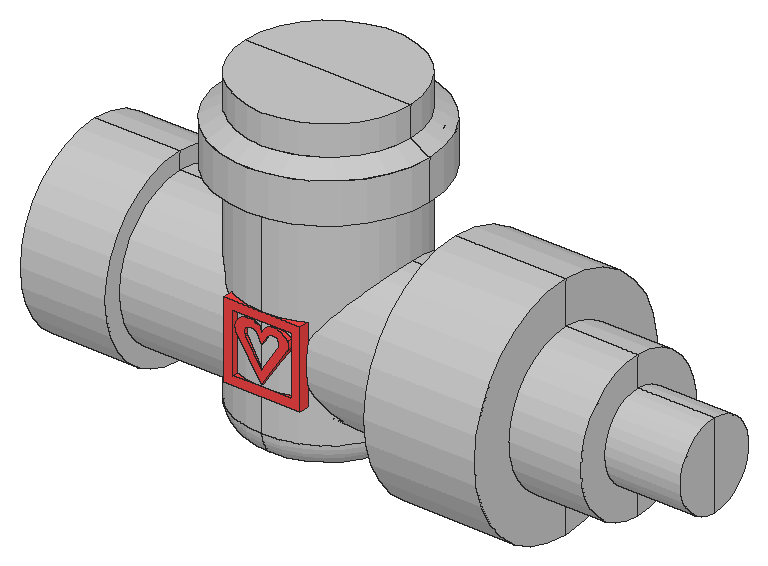
Revit family "Клапан для отключения радиатора HERZ-RL-5 с возможностью гидравлической настройки и слива, проходной 3923", category Rohrzubehör, Revit 2020
Family settings
  Bemaßung runder Anschluss = Durchmesser verwenden
  Teiletyp = Unterbricht
  OmniClass-Nummer = 23.65.55.14
  OmniClass-Titel = Valves for Liquid Services
  Arbeitsebenenbasiert = Nein
  Immer vertikal = Nein
  Beim Laden mit Abzugskörper schneiden = Nein
  Gemeinsam genutzt = Nein
Parameters
  Среда = "Качество воды в соответствии с ÖNORM H 5195 или директивой VDI 2035."
  Область применения = "Система водяного отопления. С помощью установки радиаторных запорных клапанов возможно осуществить перекрытие обратного потока нагревательных приборов. При одновременном перекрытии с клапаном на подающем трубопроводе возможен демонтаж радиатора в системе, которая находится под давлением. Промывку радиатора или ремонт помещения (оклеивание обоями, облицовку плиткой) можно проводить, не прерывая работу системы. С помощью клапана для отключения радиатора HERZ-RL-5 можно настроить расход воды, протекающей через радиатор, в соответствии с требуемой мощностью. Установка данного клапана особенно рекомендуется при монтаже термостатических клапанов без преднастройки, что способствует экономному расходу воды и поддержанию устойчивой работы системы.  При помощи клапана HERZ-RL-5 можно заполнить или опорожнить радиаторы или систему."
  Номер заказа [instance] = size_lookup("3923_5_", "Artnr", 0, Nennweite)  # 1392300
  Макс. рабочее давление = 1000000.0 Pa  # constant formula
  Макс. рабочая температура = 120 °C  # constant formula
  Корпус = "Никелированная латунь"  # constant formula
  Исполнение = "Все модели поставляются в никелированном исполнении, это универсальные модели со специальной муфтой для резьбовой трубы и компрессионных фитингов."
  W02 [instance] = 70.00°  # constant formula
  W01 = 120.00°  # constant formula
  Vorgabe-Ansicht = 0.000 mm
  URL = "www.herz-armaturen.ru"
  SCRNSEQ = "ARM;ARM_TYP=\"ALLF\";2"
  SCRNCODE = "05;01;02"  # constant formula
  S04 = 45.000 mm  # constant formula
  S03 = 61.000 mm  # constant formula
  S02 [instance] = L05 + L06 + L07  # 45.500 mm
  S01 = 10.000 mm  # constant formula
  R05 = 9.750 mm  # constant formula
  R04 = 12.000 mm  # constant formula
  R02 = 9.750 mm  # constant formula
  R01 = 11.000 mm  # constant formula
  Nennweite [instance] = 10.000 mm
  L07 [instance] = size_lookup("3923_5_", "L7", 1.000 mm, Nennweite)  # 17.500 mm
  L06 [instance] = size_lookup("3923_5_", "L6", 1.000 mm, Nennweite)  # 13.000 mm
  L05 [instance] = L02 - L04  # 15.000 mm
  L04 [instance] = size_lookup("3923_5_", "L4", 1.000 mm, Nennweite)  # 7.500 mm
  L03 [instance] = size_lookup("3923_5_", "L3", 1.000 mm, Nennweite)  # 10.000 mm
  L02 [instance] = size_lookup("3923_5_", "L2", 1.000 mm, Nennweite)  # 22.500 mm
  L01 [instance] = size_lookup("3923_5_", "L1", 1.000 mm, Nennweite)  # 27.500 mm
  Hersteller = "HERZ Armaturen Ges.m.b.H"  # constant formula
  H06 = 3.500 mm  # constant formula
  H05 = 9.500 mm  # constant formula
  H04 [instance] = H02 - H03  # 16.000 mm
  H03 = 5.000 mm  # constant formula
  H02 [instance] = 21.000 mm  # constant formula
  H01 [instance] = size_lookup("3923_5_", "H1", 1.000 mm, Nennweite)  # 14.000 mm
  GTI [instance] = size_lookup("3923_5_", "GT1", 1.000 mm, Nennweite)  # 9.000 mm
  GT [instance] = size_lookup("3923_5_", "GT", 1.000 mm, Nennweite)  # 9.500 mm
  G2 [instance] = Nennweite / 2  # 5.000 mm
  G1 [instance] = Nennweite / 2  # 5.000 mm
  D05 [instance] = size_lookup("3923_5_", "D5", 1.000 mm, Nennweite)  # 8.500 mm
  D04 [instance] = size_lookup("3923_5_", "D4", 1.000 mm, Nennweite)  # 13.500 mm
  D03 [instance] = size_lookup("3923_5_", "D3", 1.000 mm, Nennweite)  # 7.940 mm
  D02 [instance] = size_lookup("3923_5_", "D2", 1.000 mm, Nennweite)  # 9.000 mm
  D01 [instance] = size_lookup("3923_5_", "D1", 1.000 mm, Nennweite)  # 11.000 mm
Reference planes
  plane 1 "Mitte (Vorne/hinten)": y = 0
  plane 2: z = 0
  plane 3 "Mitte (Links/rechts)": x = 0
Forms (mm)
  Revolve 1, solid, material "Messing, vernickelt", detail levels fine
    sketch origin (0, 0, 0) x (1, 0, 0) y (0, 0, 1)
      loop
        line (-18, 0) -> (22.5, 0) -> (22.5, 7.94) -> (15, 7.94) -> (15, 9) -> (-17.5, 9) -> (-17.5, 11) -> (-27.5, 11) -> (-27.5, 5) -> (-18, 5) -> (-18, 0)
      axis (-27.5, 0) -> (22.5, 0)
    angle from 0 to 360
  Revolve 2, solid, material "Messing, vernickelt", detail levels fine
    sketch origin (0, 0, 0) x (0, 1, 0) y (0, 0, 1)
      loop
        line (0, 21) -> (-11, 21) -> (-11, 16) -> (-9.75, 16) -> (-9.75, -8.456)
        arc (-9.75, -8.456) -> (-9.408, -9.847) -> (-8.46, -10.921) r 3
        line (-8.46, -10.921) -> (0, -14) -> (0, 21)
      axis (0, -14) -> (0, 21)
    angle from 0 to 360
  Revolve 3, solid, material "Messing, vernickelt", detail levels fine
    sketch origin (0, 0, 0) x (1, 0, 0) y (0, 0, 1)
      loop
        line (22.5, 0) -> (45.5, 0) -> (45.5, 5) -> (36.5, 5) -> (36.5, 8.5) -> (28, 8.5) -> (28, 13.5) -> (15, 13.5) -> (15, 7.94) -> (22.5, 7.94) -> (22.5, 0)
      axis (15, 0) -> (45.5, 0)
    angle from 0 to 360
  Revolve 4, solid, material "Messing, vernickelt", detail levels fine
    sketch origin (0, 0, 9) x (1, 0, 0) y (0, 0, 1)
      loop
        line (0, 7) -> (12, 7) -> (12, 11.701) -> (9.75, 13) -> (9.75, 16.5) -> (0, 16.5) -> (0, 7)
      axis (0, 16.5) -> (0, 7)
    angle from 0 to 360
Lines and regions (mm)
  model lines, detail levels coarse+medium
    curve 1: line (-27.5, 0, 11) -> (-27.5, 0, -11)
    curve 2: line (-27.5, 0, -11) -> (27.5, 0, 11)
    curve 3: line (27.5, 0, 11) -> (27.5, 0, -11)
    curve 4: line (27.5, 0, -11) -> (-27.5, 0, 11)
    curve 5: line (27.5, 0, 11) -> (37.5, 0, 11)
    curve 6: line (37.5, 0, 11) -> (27.5, 0, 0)
    curve 7: line (27.5, 0, -11) -> (37.5, 0, -11)
    curve 8: line (37.5, 0, -11) -> (27.5, 0, 0)
    curve 9: line (27.5, 0, 0) -> (45.5, 0, 0)
    curve 10: line (-27.5, 11, 0) -> (-27.5, -11, 0)
    curve 11: line (-27.5, -11, 0) -> (27.5, 11, 0)
    curve 12: line (27.5, 11, 0) -> (27.5, -11, 0)
    curve 13: line (27.5, -11, 0) -> (-27.5, 11, 0)
    curve 14: line (27.5, 11, 0) -> (37.5, 11, 0)
    curve 15: line (37.5, 11, 0) -> (27.5, 0, 0)
    curve 16: line (27.5, -11, 0) -> (37.5, -11, 0)
    curve 17: line (37.5, -11, 0) -> (27.5, 0, 0)
Dimensions and locks
  "L01": Revolve 1 sketch curve to plane 3 "Mitte (Links/rechts)"
  "L02": Revolve 1 sketch curve to plane 3 "Mitte (Links/rechts)"
  "G1": Revolve 1 sketch curve to plane 2
  "GT": Revolve 1 sketch curve to Revolve 1 sketch curve
  "D01": Revolve 1 sketch curve to Revolve 1 sketch curve
  "D02": Revolve 1 sketch curve to Revolve 1 sketch curve
  "D03": Revolve 1 sketch curve to Revolve 1 sketch curve
  "L03": Revolve 1 sketch curve to Revolve 1 sketch curve
  "L04": Revolve 1 sketch curve to Revolve 1 sketch curve
  "H02": Revolve 2 sketch curve to plane 2
  "R01": Revolve 2 sketch curve to plane 1 "Mitte (Vorne/hinten)"
  "D03": Revolve 3 sketch curve to plane 2
  "L04": Revolve 3 sketch curve to Revolve 3 sketch curve
  "L05": Revolve 3 sketch curve to plane 3 "Mitte (Links/rechts)"
  "L06": Revolve 3 sketch curve to Revolve 3 sketch curve
  "L07": Revolve 3 sketch curve to Revolve 3 sketch curve
  "D04": Revolve 3 sketch curve to Revolve 3 sketch curve
  "G2": Revolve 3 sketch curve to Revolve 3 sketch curve
  "D05": Revolve 3 sketch curve to Revolve 3 sketch curve
  "GTI": Revolve 3 sketch curve to Revolve 3 sketch curve
  "D01": curve 4 to plane 2 to curve 2
  "D01": curve 3 to plane 2 to curve 4
  "L01": curve 1 to plane 3 "Mitte (Links/rechts)" to curve 3
  "S01": curve 3 to curve 6
  "S02": curve 9 to plane 3 "Mitte (Links/rechts)"
  "L01": curve 10 to plane 3 "Mitte (Links/rechts)" to curve 12
  "D01": curve 11 to plane 1 "Mitte (Vorne/hinten)" to curve 13
  "D01": curve 13 to plane 1 "Mitte (Vorne/hinten)" to curve 12
  "S01": curve 12 to curve 15
  "S01": curve 12 to curve 17
  "H03": Revolve 2 sketch curve to Revolve 2 sketch curve
  "R02": Revolve 2 sketch curve to Revolve 2 sketch curve
  "H05": Revolve 4 sketch curve to Revolve 4 sketch curve
  "R05": Revolve 4 sketch curve to Revolve 4 sketch curve
  "R04": Revolve 4 sketch curve to Revolve 4 sketch curve
  "H06": Revolve 4 sketch curve to Revolve 4 sketch curve
  "H04": Revolve 4 sketch curve to plane 2
  "D02": nested 1 to plane 1 "Mitte (Vorne/hinten)"
  "H01": plane 2 to Revolve 2 sketch curve
  "W01": angle Revolve 4 sketch curve to Revolve 4 sketch curve
  "W02": angle Revolve 2 sketch curve to Revolve 2 sketch curve
  aligned and locked: level to plane 2
Automatic sketch dimensions
  curve 9 to level = 0.000 mm
  curve 3 to curve 8 = 10.000 mm
  plane 1 "Mitte (Vorne/hinten)" to curve 17 = 0.000 mm
  Revolve 1 sketch curve to level = 0.000 mm  (x2)
  Revolve 1 sketch curve to Revolve 1 sketch curve = 1436.530 mm
  Revolve 1 sketch curve to Revolve 1 sketch curve = 1779.148 mm
  Revolve 2 sketch curve to plane 1 "Mitte (Vorne/hinten)" = 0.000 mm  (x2)
  Revolve 2 sketch curve to Revolve 2 sketch curve = 1.290 mm
  Revolve 2 sketch curve to Revolve 2 sketch curve = 1.710 mm
  Revolve 2 sketch curve to Revolve 2 sketch curve = 98.333 mm
  Revolve 2 sketch curve to Revolve 2 sketch curve = 1236.335 mm
  Revolve 3 sketch curve to level = 0.000 mm  (x2)
  Revolve 3 sketch curve to plane 3 "Mitte (Links/rechts)" = 1506.530 mm
  Revolve 3 sketch curve to Revolve 3 sketch curve = 1789.648 mm
  Revolve 4 sketch curve to plane 3 "Mitte (Links/rechts)" = 0.000 mm  (x2)
  Revolve 4 sketch curve to level = 357.045 mm
  Revolve 4 sketch curve to Revolve 4 sketch curve = 2188.615 mm
Nested families
  nested 1: "Herz-Logo-vorne" at (0, -9, 0) x (0, 1, 0) z (0, 0, 1), type "Herz-Logo-vorne", detail levels fine
Connectors
  piping at (-18, 0, 0), diameter 10, driven by "Nennweite"
    settings: on Revolve 1, index 1, connector inside diameter 609.6 mm, connector length 0.000 mm, flow factor 0, pipe flow 0.0 L/s, pressure drop 0.0 Pa, fitting loss kfactor 0, connector angle 0.00°, fixture units 0, engagement length 0.000 mm, angle of deflection 0.00°, flow configuration 0, flow direction 1, fitting loss method 0, system type 8, joint type 0, gender type 0, connector reference index -1, connector utility 0, adjustable connector no, is connector primary yes, connector description ""
  piping at (45.5, 0, 0), diameter 10, driven by "Nennweite"
    settings: on Revolve 3, index 2, connector inside diameter 609.6 mm, connector length 0.000 mm, flow factor 0, pipe flow 0.0 L/s, pressure drop 0.0 Pa, fitting loss kfactor 0, connector angle 0.00°, fixture units 0, engagement length 0.000 mm, angle of deflection 0.00°, flow configuration 0, flow direction 2, fitting loss method 0, system type 8, joint type 0, gender type 0, connector reference index -1, connector utility 0, adjustable connector no, is connector primary no, connector description ""
Definition of nested family "Herz-Logo-vorne"
  Parameters (values of type "Herz-Logo-vorne")
    Default Elevation = 0.000 mm
  Reference planes
    plane 1 "Mitte (Vorne/hinten)": y = 0
    plane 2: z = 0
    plane 3 "Mitte (Links/rechts)": x = 0
  Forms (mm)
    Extrusion 1, solid
      sketch origin (0.732, -0.018, 0.017) x (0, -1, 0) y (0, 0, 1)
        loop
          line (-0.018, -4.517) -> (4.482, -4.517) -> (4.482, 4.483) -> (-4.518, 4.483) -> (-4.518, -4.517) -> (-0.018, -4.517)
        loop
          line (-0.05, -3.48) -> (3.482, -3.48) -> (3.482, 3.483) -> (-3.518, 3.483) -> (-3.518, -3.48) -> (-0.05, -3.48)
        loop
          arc (-0.018, 2.383) -> (-1.543, 3.287) -> (-3.067, 2.383) r 1.738
          arc (-3.067, 2.383) -> (-3.191, 1.899) -> (-3.067, 1.415) r 1.009
          line (-3.067, 1.415) -> (-0.018, -3.281) -> (3.032, 1.415)
          arc (3.032, 1.415) -> (3.156, 1.899) -> (3.032, 2.383) r 1.009
          arc (3.032, 2.383) -> (1.507, 3.287) -> (-0.018, 2.383) r 1.738
        loop
          arc (1.885, 1.272) -> (2.005, 1.675) -> (1.885, 2.079) r 0.74
          arc (1.885, 2.079) -> (1.265, 2.416) -> (0.644, 2.079) r 0.74
          line (0.644, 2.079) -> (-0.018, 0.97) -> (-0.679, 2.079)
          arc (-0.679, 2.079) -> (-1.3, 2.416) -> (-1.921, 2.079) r 0.74
          arc (-1.921, 2.079) -> (-2.04, 1.675) -> (-1.921, 1.272) r 0.74
          line (-1.921, 1.272) -> (-0.018, -1.658) -> (1.885, 1.272)
      from 0 to 1.5
  Dimensions and locks
    aligned and locked: level to plane 2
